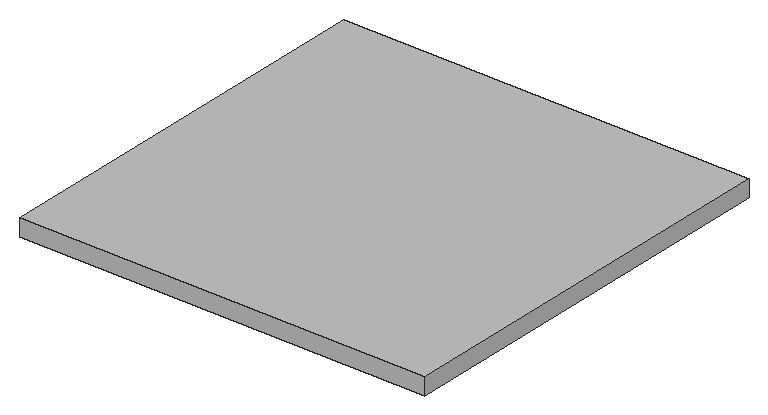
Revit family
Parameters (values of type "dBA Acoustical Ceiling Panal")
  URL = "www.acousticalsurfaces.com"
  Type Comments = "Sound Blocking, Sound Absorption and sound Difusion all in one unit"
  Model = "dBA Panel"
  Manufacturer = "Acoustical Surfaces 1800-854-2948"
Reference planes (in)
  plane 1 "Center (Front/Back)": y = 0
  plane 2 "Ceiling": z = 96
  plane 3 "Center (Left/Right)": x = 0
Forms (in)
  Extrusion 1, solid, material "PEPP Panel White"
    sketch origin (0, 0, 95) x (1, 0, 0) y (0, 1, 0)
      loop
        line (-12, 12) -> (-12, -12) -> (12, -12) -> (12, 12) -> (-12, 12)
    from 0 to 1
  Extrusion 2, void
    sketch origin (0, 0, 93.51681) x (1, 0, 0) y (0, 1, 0)
      loop
        line (-6.5, 2.5) -> (6.5, 2.5)
        arc (6.5, 2.5) -> (7, 3) -> (6.5, 3.5) r 0.5
        line (6.5, 3.5) -> (-6.5, 3.5)
        arc (-6.5, 3.5) -> (-7, 3) -> (-6.5, 2.5) r 0.5
      loop
        arc (8.5, 0.5) -> (9, 1) -> (8.5, 1.5) r 0.5
        line (8.5, 1.5) -> (-8.5, 1.5)
        arc (-8.5, 1.5) -> (-9, 1) -> (-8.5, 0.5) r 0.5
        line (-8.5, 0.5) -> (8.5, 0.5)
      loop
        line (-4.5, 4.5) -> (4.5, 4.5)
        arc (4.5, 4.5) -> (5, 5) -> (4.5, 5.5) r 0.5
        line (4.5, 5.5) -> (-4.5, 5.5)
        arc (-4.5, 5.5) -> (-5, 5) -> (-4.5, 4.5) r 0.5
      loop
        line (-2.5, 6.5) -> (2.5, 6.5)
        arc (2.5, 6.5) -> (3, 7) -> (2.5, 7.5) r 0.5
        line (2.5, 7.5) -> (-2.5, 7.5)
        arc (-2.5, 7.5) -> (-3, 7) -> (-2.5, 6.5) r 0.5
      loop
        arc (-1.3934, 9.89949) -> (-1.3934, 10.6066) -> (-2.10051, 10.6066) r 0.5
        line (-2.10051, 10.6066) -> (-10.76256, 1.94454)
        arc (-10.76256, 1.94454) -> (-10.76256, 1.23744) -> (-10.05546, 1.23744) r 0.5
        line (-10.05546, 1.23744) -> (-1.3934, 9.89949)
      loop
        arc (-4.22183, 9.89949) -> (-4.22183, 10.6066) -> (-4.92893, 10.6066) r 0.5
        line (-4.92893, 10.6066) -> (-10.76256, 4.77297)
        arc (-10.76256, 4.77297) -> (-10.76256, 4.06586) -> (-10.05546, 4.06586) r 0.5
        line (-10.05546, 4.06586) -> (-4.22183, 9.89949)
      loop
        arc (-7.05025, 9.89949) -> (-7.05025, 10.6066) -> (-7.75736, 10.6066) r 0.5
        line (-7.75736, 10.6066) -> (-10.76256, 7.6014)
        arc (-10.76256, 7.6014) -> (-10.76256, 6.89429) -> (-10.05546, 6.89429) r 0.5
        line (-10.05546, 6.89429) -> (-7.05025, 9.89949)
      loop
        arc (-9.87868, 9.89949) -> (-9.87868, 10.6066) -> (-10.58579, 10.6066) r 0.5
        line (-10.58579, 10.6066) -> (-10.76256, 10.42983)
        arc (-10.76256, 10.42983) -> (-10.76256, 9.72272) -> (-10.05546, 9.72272) r 0.5
        line (-10.05546, 9.72272) -> (-9.87868, 9.89949)
      loop
        arc (-6.5, -2.5) -> (-7, -3) -> (-6.5, -3.5) r 0.5
        line (-6.5, -3.5) -> (6.5, -3.5)
        arc (6.5, -3.5) -> (7, -3) -> (6.5, -2.5) r 0.5
        line (6.5, -2.5) -> (-6.5, -2.5)
      loop
        line (8.5, -0.5) -> (-8.5, -0.5)
        arc (-8.5, -0.5) -> (-9, -1) -> (-8.5, -1.5) r 0.5
        line (-8.5, -1.5) -> (8.5, -1.5)
        arc (8.5, -1.5) -> (9, -1) -> (8.5, -0.5) r 0.5
      loop
        arc (-4.5, -4.5) -> (-5, -5) -> (-4.5, -5.5) r 0.5
        line (-4.5, -5.5) -> (4.5, -5.5)
        arc (4.5, -5.5) -> (5, -5) -> (4.5, -4.5) r 0.5
        line (4.5, -4.5) -> (-4.5, -4.5)
      loop
        arc (-2.5, -6.5) -> (-3, -7) -> (-2.5, -7.5) r 0.5
        line (-2.5, -7.5) -> (2.5, -7.5)
        arc (2.5, -7.5) -> (3, -7) -> (2.5, -6.5) r 0.5
        line (2.5, -6.5) -> (-2.5, -6.5)
      loop
        line (-1.3934, -9.89949) -> (-10.05546, -1.23744)
        arc (-10.05546, -1.23744) -> (-10.76256, -1.23744) -> (-10.76256, -1.94454) r 0.5
        line (-10.76256, -1.94454) -> (-2.10051, -10.6066)
        arc (-2.10051, -10.6066) -> (-1.3934, -10.6066) -> (-1.3934, -9.89949) r 0.5
      loop
        line (-4.22183, -9.89949) -> (-10.05546, -4.06586)
        arc (-10.05546, -4.06586) -> (-10.76256, -4.06586) -> (-10.76256, -4.77297) r 0.5
        line (-10.76256, -4.77297) -> (-4.92893, -10.6066)
        arc (-4.92893, -10.6066) -> (-4.22183, -10.6066) -> (-4.22183, -9.89949) r 0.5
      loop
        line (-7.05025, -9.89949) -> (-10.05546, -6.89429)
        arc (-10.05546, -6.89429) -> (-10.76256, -6.89429) -> (-10.76256, -7.6014) r 0.5
        line (-10.76256, -7.6014) -> (-7.75736, -10.6066)
        arc (-7.75736, -10.6066) -> (-7.05025, -10.6066) -> (-7.05025, -9.89949) r 0.5
      loop
        line (-9.87868, -9.89949) -> (-10.05546, -9.72272)
        arc (-10.05546, -9.72272) -> (-10.76256, -9.72272) -> (-10.76256, -10.42983) r 0.5
        line (-10.76256, -10.42983) -> (-10.58579, -10.6066)
        arc (-10.58579, -10.6066) -> (-9.87868, -10.6066) -> (-9.87868, -9.89949) r 0.5
      loop
        line (1.3934, 9.89949) -> (10.05546, 1.23744)
        arc (10.05546, 1.23744) -> (10.76256, 1.23744) -> (10.76256, 1.94454) r 0.5
        line (10.76256, 1.94454) -> (2.10051, 10.6066)
        arc (2.10051, 10.6066) -> (1.3934, 10.6066) -> (1.3934, 9.89949) r 0.5
      loop
        line (4.22183, 9.89949) -> (10.05546, 4.06586)
        arc (10.05546, 4.06586) -> (10.76256, 4.06586) -> (10.76256, 4.77297) r 0.5
        line (10.76256, 4.77297) -> (4.92893, 10.6066)
        arc (4.92893, 10.6066) -> (4.22183, 10.6066) -> (4.22183, 9.89949) r 0.5
      loop
        line (7.05025, 9.89949) -> (10.05546, 6.89429)
        arc (10.05546, 6.89429) -> (10.76256, 6.89429) -> (10.76256, 7.6014) r 0.5
        line (10.76256, 7.6014) -> (7.75736, 10.6066)
        arc (7.75736, 10.6066) -> (7.05025, 10.6066) -> (7.05025, 9.89949) r 0.5
      loop
        line (9.87868, 9.89949) -> (10.05546, 9.72272)
        arc (10.05546, 9.72272) -> (10.76256, 9.72272) -> (10.76256, 10.42983) r 0.5
        line (10.76256, 10.42983) -> (10.58579, 10.6066)
        arc (10.58579, 10.6066) -> (9.87868, 10.6066) -> (9.87868, 9.89949) r 0.5
      loop
        arc (1.3934, -9.89949) -> (1.3934, -10.6066) -> (2.10051, -10.6066) r 0.5
        line (2.10051, -10.6066) -> (10.76256, -1.94454)
        arc (10.76256, -1.94454) -> (10.76256, -1.23744) -> (10.05546, -1.23744) r 0.5
        line (10.05546, -1.23744) -> (1.3934, -9.89949)
      loop
        arc (4.22183, -9.89949) -> (4.22183, -10.6066) -> (4.92893, -10.6066) r 0.5
        line (4.92893, -10.6066) -> (10.76256, -4.77297)
        arc (10.76256, -4.77297) -> (10.76256, -4.06586) -> (10.05546, -4.06586) r 0.5
        line (10.05546, -4.06586) -> (4.22183, -9.89949)
      loop
        arc (7.05025, -9.89949) -> (7.05025, -10.6066) -> (7.75736, -10.6066) r 0.5
        line (7.75736, -10.6066) -> (10.76256, -7.6014)
        arc (10.76256, -7.6014) -> (10.76256, -6.89429) -> (10.05546, -6.89429) r 0.5
        line (10.05546, -6.89429) -> (7.05025, -9.89949)
      loop
        arc (9.87868, -9.89949) -> (9.87868, -10.6066) -> (10.58579, -10.6066) r 0.5
        line (10.58579, -10.6066) -> (10.76256, -10.42983)
        arc (10.76256, -10.42983) -> (10.76256, -9.72272) -> (10.05546, -9.72272) r 0.5
        line (10.05546, -9.72272) -> (9.87868, -9.89949)
    from 1.27604 to 2
Cuts and joins
  Extrusion 2 cuts Extrusion 1
Lines and regions (in)
  sketch lines
    curve 1: line (-60, 60, 0) -> (60, 60, 0)
    curve 2: line (-60, 60, 0) -> (-60, -60, 0)
    curve 3: line (-60, -60, 0) -> (60, -60, 0)
    curve 4: line (60, 60, 0) -> (60, -60, 0)
Dimensions and locks (in)
  equal spacing: curve 2, plane 3 "Center (Left/Right)", curve 4
  equal spacing: curve 3, plane 1 "Center (Front/Back)", curve 1
  curve 2 to curve 4 = 10' - 0"
  curve 3 to curve 1 = 10' - 0"
